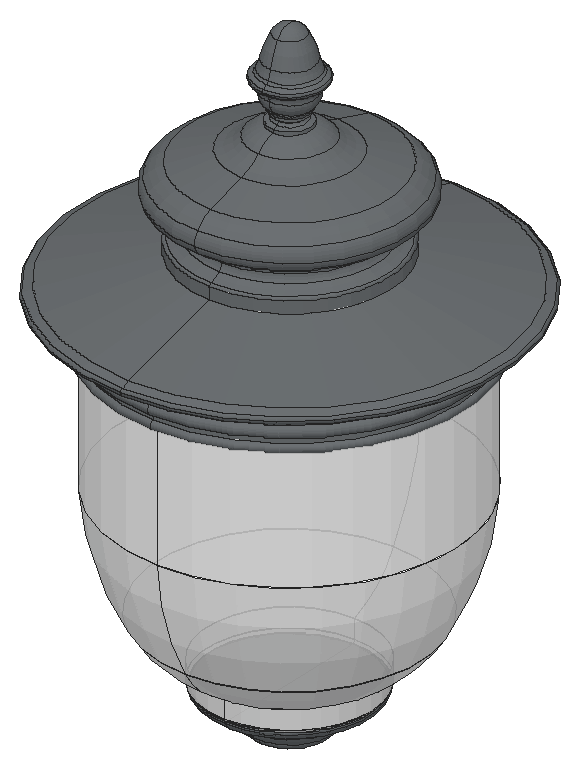
Revit family "Neri_Light 500_PU500L-Pooo", category Apparecchi per illuminazione, Revit 2018
Family settings
  Quota connettore circolare = Usa diametro
  Tipo di parte = Normale
  Numero OmniClass = 23.35.47.11
  Basato su piano di lavoro = No
  Sempre verticale = Sì
  Taglio con vuoti quando caricato = No
  Sorgente d'illuminazione = Sì
  Condiviso = No
  Punto di calcolo locali = No
Parameters (values of type "PU500L_NLG02")
  Weight = "27.56 lb"
  Wattage = 30.2945 W
  W = "48"
  Voltage = "120-277 V"
  UniFormat II Description = "Lighting and Branch Wiring"
  UniFormat II Code = "D5020"
  URL = "https://www.nerinorthamerica.com/en/products/lighting/lighting-fixtures/light-500-led-p.aspx?idC=62866&LN=en-US"
  Region South America = "All"
  Region Oceania = "All"
  Region North America = "All"
  Region Middle East = "All"
  Region Europe = "All"
  Region Asia = "All"
  Region Africa = "All"
  Produttore = "Neri SpA"
  Product Name = "Light 500 - LED P"
  Product Certification = "UL Standard 1598 (C, US)"
  built-in parameter 1150110 = 1 (stored number, unit not read)
  Painting Steps = "Information about paint steps used on this product in specific technical sheet"
  Painting = "Standard color Dark Grey, type Neri - On demand features - Painting:colour of RAL range"
  Overvoltage Protection = "4kV/4kV (differential / common mode)"
  Optics = "NLG02"
  Operative Temperature = "-22F° /+104F°"
  OmniClass Description = "Lighting Fixtures"
  OmniClass Code = "23-35 47 11"
  NBS_UniClass 2015 Description = "Roadway Lighting Systems"
  NBS_UniClass 2015 Code = "Ss_70_80_25_70"
  Modello = "PU500L-P"
  Screen = PMMA Frosted
  Material Main = Die-Cast and Sheet Aluminum
  MasterFormat 2016 Description = "Exterior Lighting"
  MasterFormat 2016 Code = "26 56 00"
  Manufacturer Name = "Neri SpA"
  Manufacturer Country = "Italy"
  Luminous Efficacy = "80 Lm/W"
  Luminaire Classification System = "BUG: B1 U3 G1"
  Lighting Distribution/Class = "Asymmetric - Road Lighting and mixed areas (Type III)"
  LOR = "85 %"
  Diametre = "1' - 6 1/2\""
  Lampada = "LED"
  Installation Instructions = "https://www.nerinorthamerica.com/upl/istruzioni/Z013_0002_002_Light%20500_LED-P_2014A.pdf"
  IP = "43"
  IK = "10"
  Height of Installation = "From 11.5' to 16.5'"
  Height = "2' - 3 1/2\""
  Frequency = "50-60 Hz"
  File diagramma fotometrico = "PU500L_NLG02.IES"
  built-in parameter 1114217 = 1 (stored number, unit not read)
  built-in parameter 1150109 = 1 (stored number, unit not read)
  Fasteners = "Stainless Steel"
  Estimated Life = "80.000 h (L85 - Ta 25°C)"
  Design Country = "Italy"
  Data Sheet = "https://www.nerinorthamerica.com/supporto/DownloadNeri.ashx?f=PU500LUS.pdf&LN=en-US"
  Control = "COD 02= 1-10V + NCL, COD 06=DALI + NCL, COD 14= NVL6H +NCL"
  Connection = "Upright installation on head post or bracket - Hole diam.1,10\"\" for attachment to the support"
  built-in parameter 1150134 = 12
  built-in parameter 1150113 = 1 (stored number, unit not read)
  Lumens = 4500 lm
  built-in parameter 1150115 = 1 (stored number, unit not read)
  built-in parameter 1150105 = 358.1 (stored number, unit not read)
  built-in parameter 1150137 = (empty or 0)
  built-in parameter 1150139 = (empty or 0)
  built-in parameter 1150112 = 1 (stored number, unit not read)
  built-in parameter 1150114 = 1 (stored number, unit not read)
  built-in parameter 1150132 = 2
  built-in parameter 1150102 = (empty or 0)
  built-in parameter 1150138 = (empty or 0)
  built-in parameter 1150107 = 4000 (stored number, unit not read)
  built-in parameter 1150106 = 3.581 (stored number, unit not read)
  built-in parameter 1150104 = 13.8 (stored number, unit not read)
  Dimming Lamp Color Temperature Shift = (empty or 0)
  Color Filter = 16777215
  built-in parameter 1114218 = 1 (stored number, unit not read)
  Class IES = "Cut-off"
  CRI = ">70"
  EPA = "1.16 ft²"
  Tilt Angle = 90.00°
  built-in parameter 1150133 = 10 (stored number, unit not read)
Types (3, lengths in mm): name | Optics | Luminaire Classification System | Lighting Distribution/Class | LOR | File diagramma fotometrico
  (no name) | "NLG02" | "BUG: B1 U3 G1" | "Asymmetric - Road Lighting and mixed areas (Type III)" | "85 %" | "PU500L_NLG02.IES"
  PU500L_NLG02 | "NLG02" | "BUG: B1 U3 G1" | "Asymmetric - Road Lighting and mixed areas (Type III)" | "85 %" | "PU500L_NLG02.IES"
  PU500L_NLG06 | "NLG06" | "BUG: B2 U2 G1" | "Rotosymmetrical - Mixed areas (Type V)" | "83 %" | "PU500L_NLG06.IES"
Reference planes
  plane 1 "Asse sorgente illuminazione (F/B)": y = 440
  plane 2: z = 0
  plane 3 "Asse sorgente illuminazione (L/R)": x = 0
  plane 4 "Prospetto sorgente di illuminazione": z = 3500
  plane 5 "45": through (0, 0, 1200) normal (0.7071, 0.7071, 0)
  plane 6 "45_2": through (0, 0, 1200) normal (0.7071, -0.7071, 0)
Forms (mm)
  Revolve 1, solid, material "Die-Cast and Sheet Aluminum" <- "Material Main"
    sketch origin (0, -195.815, 1339.753) x (0, 1, 0) y (0, 0, 1)
      loop
        line (635.815, 2160.243) -> (635.815, 2486.671)
        arc (635.815, 2486.671) -> (626.164, 2484.084) -> (619.102, 2477.017) r 19.292
        arc (619.102, 2477.017) -> (613.175, 2464.583) -> (609.26, 2451.376) r 88.06
        arc (609.26, 2451.376) -> (607.816, 2446.175) -> (605.751, 2441.187) r 44.394
        arc (605.751, 2441.187) -> (604.775, 2439.738) -> (603.436, 2438.615) r 6.267
        arc (603.436, 2438.615) -> (600.883, 2437.384) -> (598.785, 2435.478) r 9.869
        arc (598.785, 2435.478) -> (598.093, 2434.104) -> (598.059, 2432.567) r 3.486
        arc (598.059, 2432.567) -> (598.56, 2431.208) -> (599.447, 2430.064) r 4.756
        arc (599.447, 2430.064) -> (600.313, 2429.524) -> (601.322, 2429.369) r 2.543
        arc (601.322, 2429.369) -> (603.238, 2428.062) -> (604.857, 2426.403) r 11.656
        arc (604.857, 2426.403) -> (606.66, 2423.122) -> (607.259, 2419.426) r 11.007
        arc (607.259, 2419.426) -> (608.64, 2412.254) -> (612.71, 2406.189) r 18.344
        line (612.71, 2406.189) -> (613.493, 2406.189) -> (613.493, 2403.883)
        arc (613.493, 2403.883) -> (614.054, 2402.528) -> (615.409, 2401.967) r 1.916
        line (615.409, 2401.967) -> (616.503, 2401.967) -> (616.503, 2397.526)
        arc (616.503, 2397.526) -> (618.906, 2396.6) -> (620.51, 2394.586) r 4.916
        arc (620.51, 2394.586) -> (620.003, 2392.496) -> (618.447, 2391.011) r 3.822
        arc (618.447, 2391.011) -> (615.66, 2389.904) -> (612.71, 2389.366) r 15.202
        line (612.71, 2389.366) -> (612.71, 2385.783)
        arc (612.71, 2385.783) -> (601.559, 2381.326) -> (592.388, 2373.573) r 37.51
        arc (592.388, 2373.573) -> (581.26, 2365.268) -> (568.32, 2360.232) r 51.588
        arc (568.32, 2360.232) -> (546.382, 2354.244) -> (524.847, 2346.941) r 375.674
        arc (524.847, 2346.941) -> (514.635, 2341.457) -> (506.264, 2333.439) r 42.892
        arc (506.264, 2333.439) -> (502.839, 2326.488) -> (502.6, 2318.742) r 18.285
        arc (502.6, 2318.742) -> (506.874, 2310.308) -> (515.549, 2306.547) r 13.927
        arc (515.549, 2306.547) -> (516.885, 2303.939) -> (519.002, 2301.913) r 8.818
        line (519.002, 2301.913) -> (521.567, 2301.913)
        arc (521.567, 2301.913) -> (527.441, 2301.244) -> (533.014, 2299.271) r 26.112
        arc (533.014, 2299.271) -> (538.073, 2293.898) -> (540.466, 2286.917) r 17.493
        arc (540.466, 2286.917) -> (539.588, 2282.621) -> (537.499, 2278.766) r 14.925
        arc (537.499, 2278.766) -> (531.955, 2274.98) -> (525.806, 2272.284) r 36.156
        arc (525.806, 2272.284) -> (523.91, 2271.499) -> (523.124, 2269.602) r 2.682
        line (523.124, 2269.602) -> (523.124, 2256.511) -> (408.925, 2225.482) -> (399.862, 2221.256)
        arc (399.862, 2221.256) -> (398.472, 2219.581) -> (397.934, 2217.471) r 4.954
        arc (397.934, 2217.471) -> (398.741, 2215.177) -> (400.324, 2213.332) r 6.592
        arc (400.324, 2213.332) -> (404.377, 2210.981) -> (408.944, 2209.937) r 15.623
        line (408.944, 2209.937) -> (417.516, 2209.937) -> (417.516, 2204.25) -> (427.711, 2204.25)
        arc (427.711, 2204.25) -> (436.609, 2198.619) -> (442.24, 2189.721) r 23.994
        arc (442.24, 2189.721) -> (436.029, 2183.151) -> (442.481, 2176.818) r 6.454
        line (442.481, 2176.818) -> (444.644, 2176.818) -> (444.644, 2169.656)
        arc (444.644, 2169.656) -> (439.937, 2164.95) -> (444.644, 2160.243) r 4.706
        line (444.644, 2160.243) -> (635.815, 2160.243)
      axis (635.815, 2486.671) -> (635.815, 2160.243)
    angle from 0 to 360
  Revolve 2, solid, material "PMMA Frosted" <- "Screen"
    sketch origin (0, -196.731, 1305.851) x (0, 1, 0) y (0, 0, 1)
      loop
        line (636.731, 2194.149) -> (450.879, 2194.149) -> (450.879, 2053.945)
        arc (450.879, 2053.945) -> (462.687, 1988.057) -> (489.742, 1926.83) r 281.047
        arc (489.742, 1926.83) -> (513.401, 1898.453) -> (544.768, 1878.929) r 116.286
        line (544.768, 1878.929) -> (544.768, 1857.509)
        arc (544.768, 1857.509) -> (545.657, 1855.363) -> (547.803, 1854.474) r 3.035
        line (547.803, 1854.474) -> (636.731, 1854.474) -> (636.731, 2194.149)
      axis (636.731, 2194.149) -> (636.731, 1854.474)
    angle from 0 to 360
  Revolve 3, solid, material "Die-Cast and Sheet Aluminum" <- "Material Main"
    sketch origin (0, -195.815, 1339.753) x (0, 1, 0) y (0, 0, 1)
      loop
        line (635.815, 1820.572) -> (547.312, 1820.572)
        arc (547.312, 1820.572) -> (546.507, 1820.415) -> (545.819, 1819.968) r 2.146
        arc (545.819, 1819.968) -> (545.566, 1818.967) -> (545.819, 1817.966) r 2.103
        arc (545.819, 1817.966) -> (548.279, 1813.933) -> (551.943, 1810.951) r 13.958
        arc (551.943, 1810.951) -> (553.269, 1810.539) -> (554.648, 1810.709) r 3.302
        arc (554.648, 1810.709) -> (556.25, 1811.247) -> (557.863, 1811.753) r 82.752
        arc (557.863, 1811.753) -> (560.923, 1812.371) -> (564.045, 1812.403) r 16.542
        arc (564.045, 1812.403) -> (566.291, 1811.782) -> (568.158, 1810.388) r 6.313
        arc (568.158, 1810.388) -> (574.071, 1803.038) -> (578.956, 1794.967) r 70.844
        arc (578.956, 1794.967) -> (584.963, 1787.19) -> (593.326, 1782.028) r 27.434
        arc (593.326, 1782.028) -> (595.054, 1777.612) -> (599.08, 1775.104) r 7.534
        line (599.08, 1775.104) -> (635.815, 1775.104) -> (635.815, 1820.572)
      axis (635.815, 1820.572) -> (635.815, 1775.104)
    angle from 0 to 360
Dimensions and locks
  aligned and locked: plane 4 "Prospetto sorgente di illuminazione" to imposter light
  aligned and locked: level to plane 2
